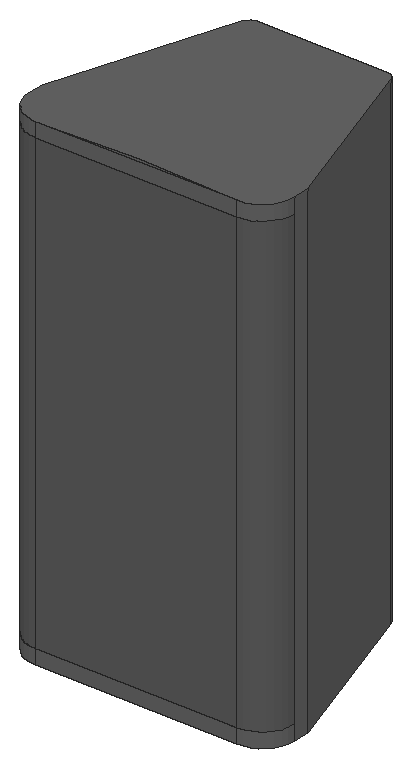
Revit family "AP-5102", category Communication Devices, Revit 2012
Parameters
  Width = 305 mm
  Weight Product (lb) = 48
  Weight Product (kg) = 21.7
  Weight Dimensional (lb) = 53
  Weight Dimensional (kg) = 24
  URL = "http://www.qsc.com/products/speakers/ap/"
  Taper Offset from Front = 56 mm
  Sensitivity = 94
  SPL Max = 127
  Regulatory Compliance = "RoHS"
  Rear Face Width = 164 mm
  Product Page URL = "http://www.qsc.com/products/speakers/ap/"
  Product Documentation Link = "http://qscmarketing.com/files/6513/5542/9611/AP-5102_SpecSheet_121212.pdf"
  Power Handling = 450
  Model = "AP-5102"
  Manufacturer URL = "www.qscaudio.com"
  Manufacturer = "QSC Audio Products, LLC"
  Impedance = 8
  Height = 559 mm
  Grille Material [instance] = Black Grille
  Grill Rear Offset from Front = 37 mm
  Grill Height = 525 mm
  Grill Apex to Apex = 231 mm
  Enclosure Material [instance] = Black Finish
  Description = "10-inch, Two-way Trapezoidal Enclosure with 105-degree Axisymmetric Coverage\r\n10-inch, Two-way Trapezoidal Enclosure with 105-degree Axisymmetric Coverage"
  Depth = 267 mm
  Default Elevation = 0 mm
  Coverage Vertical = 105.00°
  Coverage Horizontal = 105.00°
Reference planes
  plane 1 "Front": y = 0
  plane 2 "Center (Elevation)": z = 0
  plane 3 "Center (Left/Right)": x = 0
  plane 4 "Back": y = 267
  plane 5 "Left": x = -152.5
  plane 6 "Right": x = 152.5
  plane 7 "Top": z = 279.5
  plane 8 "Bottom": z = -279.5
  plane 9 "Grill Top": z = 262.5
  plane 10 "Grill Bottom": z = -262.5
  plane 11 "Grill Apex Left": x = -115.5
  plane 12 "Grill Apex Right": x = 115.5
  plane 13 "Rear Face Left": x = -82
  plane 14 "Rear Face Right": x = 82
  plane 15 "Taper Begin": y = 56
  plane 16 "Grill Rear": y = 37
Forms (mm)
  Extrusion 1, solid, material "Black Finish" <- "Enclosure Material"
    sketch origin (0, 0, -279.5) x (0, -1, 0) y (1, 0, 0)
      loop
        line (-267, 72.647) -> (-267, -72.647)
        arc (-267, -72.647) -> (-264.641, -80.424) -> (-258.36, -85.581) r 14
        line (-258.36, -85.581) -> (-56, -152.5) -> (-37, -152.5)
        arc (-37, -152.5) -> (-10.837, -141.663) -> (0, -115.5) r 37
        spline (0, -115.5) -> (-1.544, -96.25) -> (-2.807, -77) -> (-3.789, -57.75) -> (-4.491, -38.5) -> (-4.912, -19.25) -> (-5.052, 0) -> (-4.912, 19.25) -> (-4.491, 38.5) -> (-3.789, 57.75) -> (-2.807, 77) -> (-1.544, 96.25) -> (0, 115.5)
        arc (0, 115.5) -> (-10.837, 141.663) -> (-37, 152.5) r 37
        line (-37, 152.5) -> (-56, 152.5) -> (-258.36, 85.581)
        arc (-258.36, 85.581) -> (-264.641, 80.424) -> (-267, 72.647) r 14
    from 0 to 559 <- "Height"
  Extrusion 2, void
    sketch origin (0, 0, -262.5) x (0, -1, 0) y (1, 0, 0)
      loop
        line (-37, -152.5) -> (0, -152.5) -> (0, 152.5) -> (-37, 152.5) -> (-37, -152.5)
    from 0 to 525 <- "Grill Height"
  Extrusion 3, solid, material "Black Grille" <- "Grille Material"
    sketch origin (0, 0, -262.5) x (0, -1, 0) y (1, 0, 0)
      loop
        arc (-37, -152.5) -> (-10.837, -141.663) -> (0, -115.5) r 37
        spline (0, -115.5) -> (-1.544, -96.25) -> (-2.807, -77) -> (-3.789, -57.75) -> (-4.491, -38.5) -> (-4.912, -19.25) -> (-5.052, 0) -> (-4.912, 19.25) -> (-4.491, 38.5) -> (-3.789, 57.75) -> (-2.807, 77) -> (-1.544, 96.25) -> (0, 115.5)
        arc (0, 115.5) -> (-10.837, 141.663) -> (-37, 152.5) r 37
        line (-37, 152.5) -> (-37, -152.5)
    from 0 to 525 <- "Grill Height"
Cuts and joins
  Extrusion 2 cuts Extrusion 1
Lines and regions (mm)
  model lines, detail levels fine
    curve 1: line (4.539, 14.637, 279.5) -> (-0.145, 20.808, 279.5)
    curve 2: line (-0.145, 20.808, 279.5) -> (4.539, 14.637, 279.5)
    curve 3: line (-17.127, 15.407, 279.5) -> (-15.358, 21.773, 279.5)
    curve 4: line (-15.358, 21.773, 279.5) -> (-17.127, 15.407, 279.5)
    curve 5: line (-14.172, 11.192, 279.5) -> (-15.492, 22.973, 279.5)
    curve 6: line (-15.492, 22.973, 279.5) -> (-14.172, 11.192, 279.5)
    curve 7: line (10.811, 19.434, 279.5) -> (14.988, 16.366, 279.5)
    curve 8: line (14.988, 16.366, 279.5) -> (10.811, 19.434, 279.5)
  model lines, detail levels medium+fine
    curve 9: line (-38.669, 29.852, 279.5) -> (-44.591, 3.528, 279.5)
    curve 10: arc (-33.586, 31.941, 279.5) -> (-36.334, 31.398, 279.5) -> (-38.669, 29.852, 279.5) r 7.23
    curve 11: line (-33.586, 31.941, 279.5) -> (0, 31.941, 279.5)
    curve 12: line (38.669, 29.852, 279.5) -> (44.591, 3.528, 279.5)
    curve 13: arc (33.586, 31.941, 279.5) -> (36.334, 31.398, 279.5) -> (38.669, 29.852, 279.5) r 7.23
    curve 14: line (33.586, 31.941, 279.5) -> (0, 31.941, 279.5)
Dimensions and locks
  "Depth": plane 4 "Back" to plane 1 "Front"
  equal spacing: plane 5 "Left", plane 3 "Center (Left/Right)", plane 6 "Right"
  "Width": plane 5 "Left" to plane 6 "Right"
  equal spacing: plane 7 "Top", plane 2 "Center (Elevation)", plane 8 "Bottom"
  "Height": plane 7 "Top" to plane 8 "Bottom"
  equal spacing: plane 9 "Grill Top", plane 2 "Center (Elevation)", plane 10 "Grill Bottom"
  "Grill Height": plane 9 "Grill Top" to plane 10 "Grill Bottom"
  equal spacing: plane 11 "Grill Apex Left", plane 3 "Center (Left/Right)", plane 12 "Grill Apex Right"
  "Grill Apex to Apex": plane 11 "Grill Apex Left" to plane 12 "Grill Apex Right"
  equal spacing: plane 13 "Rear Face Left", plane 3 "Center (Left/Right)", plane 14 "Rear Face Right"
  "Rear Face Width": plane 13 "Rear Face Left" to plane 14 "Rear Face Right"
  "Taper Offset from Front": plane 15 "Taper Begin" to plane 1 "Front"
  "Grill Rear Offset from Front": plane 16 "Grill Rear" to plane 1 "Front"
  aligned and locked: plane 2 "Center (Elevation)" to level
  aligned and locked: plane 4 "Back" to Extrusion 1 sketch curve
  aligned and locked: plane 5 "Left" to Extrusion 1 sketch curve
  aligned and locked: Extrusion 1 sketch curve to plane 6 "Right"
  aligned and locked: plane 16 "Grill Rear" to Extrusion 2 sketch curve
  aligned and locked: Extrusion 2 sketch curve to plane 5 "Left"
  aligned and locked: plane 1 "Front" to Extrusion 2 sketch curve
  aligned and locked: Extrusion 2 sketch curve to plane 6 "Right"
  aligned and locked: Extrusion 3 sketch curve to cut or joined group of Extrusion 1, Extrusion 2
Automatic sketch dimensions
  Extrusion 1 sketch curve to plane 15 "Taper Begin" = 0 mm  (x2)
  Extrusion 1 sketch curve to plane 16 "Grill Rear" = 0 mm  (x2)
  plane 1 "Front" to Extrusion 1 sketch curve = 0 mm
  Extrusion 1 sketch curve to plane 13 "Rear Face Left" = 3.581 mm
  plane 4 "Back" to Extrusion 1 sketch curve = 8.64 mm  (x2)
  Extrusion 1 sketch curve to plane 14 "Rear Face Right" = 3.581 mm
  plane 14 "Rear Face Right" to Extrusion 1 sketch curve = 9.353 mm
  plane 13 "Rear Face Left" to Extrusion 1 sketch curve = 9.353 mm
  Extrusion 3 sketch curve to plane 5 "Left" = 0 mm
  Extrusion 3 sketch curve to plane 12 "Grill Apex Right" = 0 mm
  Extrusion 3 sketch curve to plane 6 "Right" = 0 mm
  curve 11 to plane 3 "Center (Left/Right)" = 0 mm
  curve 14 to plane 16 "Grill Rear" = 5.059 mm
  plane 3 "Center (Left/Right)" to curve 14 = 33.586 mm
  curve 11 to curve 11 = 33.586 mm
  curve 12 to plane 16 "Grill Rear" = 7.148 mm
  curve 12 to curve 14 = 5.083 mm
  curve 12 to plane 1 "Front" = 3.528 mm
  curve 12 to curve 13 = 5.923 mm
  plane 3 "Center (Left/Right)" to curve 7 = 14.988 mm
  curve 8 to curve 7 = 0 mm  (x2)
  curve 8 to curve 8 = 4.177 mm
  curve 7 to curve 8 = 0 mm  (x2)
  plane 3 "Center (Left/Right)" to curve 2 = 4.539 mm
  curve 1 to curve 2 = 0 mm  (x3)
  curve 2 to plane 3 "Center (Left/Right)" = 0.145 mm
  curve 5 to plane 3 "Center (Left/Right)" = 14.172 mm
  curve 6 to curve 5 = 0 mm  (x3)
  curve 6 to curve 3 = 1.186 mm
  curve 4 to curve 3 = 0 mm  (x2)
  curve 3 to curve 5 = 0.135 mm
  curve 6 to curve 4 = 2.956 mm
  curve 3 to curve 4 = 0 mm
  curve 11 to curve 10 = 5.083 mm
  curve 9 to plane 16 "Grill Rear" = 7.148 mm
  curve 9 to plane 1 "Front" = 3.528 mm
  curve 10 to curve 9 = 11.005 mm
  curve 6 to plane 16 "Grill Rear" = 14.027 mm
  curve 5 to curve 6 = 0 mm
  curve 5 to curve 3 = 1.2 mm
  curve 11 to curve 1 = 11.133 mm
  curve 2 to curve 1 = 0 mm
  curve 1 to curve 7 = 1.373 mm
  curve 8 to curve 8 = 3.069 mm
  curve 1 to curve 2 = 6.171 mm
  curve 4 to curve 5 = 4.215 mm
Connectors
  electrical at (0, 267, 0)
    settings: on cut or joined group of Extrusion 1, Extrusion 2, index 1, voltage 0 V, apparent load 0 VA, apparent load phase1 0 VA, apparent load phase2 0 VA, apparent load phase3 0 VA, power factor 1, load classification "Other", number of poles 1, system type 14, power factor state 1, is connector primary yes, connector utility no, sub classification motor no, connector description "Speaker Input (Passive/LF)"
  electrical at (0, 267, 0)
    settings: on cut or joined group of Extrusion 1, Extrusion 2, index 2, voltage 0 V, apparent load 0 VA, apparent load phase1 0 VA, apparent load phase2 0 VA, apparent load phase3 0 VA, power factor 1, load classification "Other", number of poles 1, system type 14, power factor state 1, is connector primary no, connector utility no, sub classification motor no, connector description "Speaker Input (HF)"
